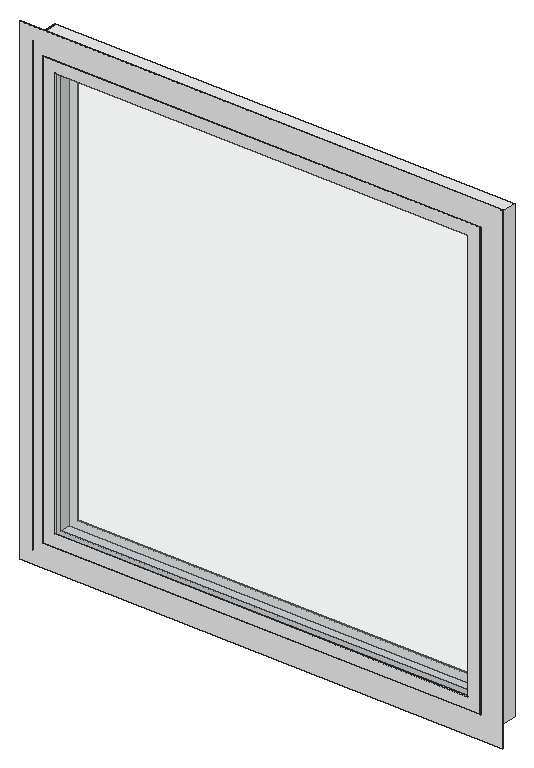
Revit family "Casement_30.5_A_Top_Hung_Custom", category Windows, host Wall, Revit 2014
Parameters (values of type "Casement_Sash_DG")
  Width Sash [instance] = 30 mm
  Width Sash Inner = 15 mm
  Width Bead = 15 mm
  Top Hung [instance] = yes
  Side Hung Right [instance] = yes
  Side Hung Left [instance] = yes
  Sash Opening Width [instance] = 600 mm
  Sash Opening Height [instance] = 600.312 mm
  Sash Lip = 15 mm
  Glazing Material [instance] = Glass
  DG Start Piece 2 [instance] = DG End Piece 1 + DG Gasket Thickness  # 25 mm
  DG Start Peice 1 [instance] = (Depth Sash - (2 * DG Glazing Thickness) - DG Gasket Thickness) / 2  # 6.6 mm
  Glazing Offset = 5 mm
  DG Glazing Thickness [instance] = 6.4 mm
  DG Gasket Thickness = 12 mm  # constant formula
  DG Gasket Material [instance] = none
  DG End Piece 2 [instance] = DG Start Piece 2 + DG Glazing Thickness  # 31.4 mm
  DG End Piece 1 [instance] = DG Start Peice 1 + DG Glazing Thickness  # 13 mm
  Depth Sash [instance] = 38 mm
  Center Vertical Sash [instance] = Sash Opening Height / 2  # 300.156 mm
  Center Horizontal Sash [instance] = Sash Opening Width / 2  # 300 mm
  Bottom Hung [instance] = yes
  Bead Offset = 15 mm
  Aluminium Thickness = 1 mm
  Aluminium Material [instance] = White Powder Coated Aluminium
Reference planes
  plane 1 "Center (Front/Back)": y = 0
  plane 2: z = 0
  plane 3 "Center (Left/Right)": x = 0
Forms (mm)
  Sweep 1, solid, material "White Powder Coated Aluminium" <- "Aluminium Material"
    path origin (16.177, 0, 121.331) x (1, 0, 0) y (0, 0, 1)
      loop
        line (0, 0) -> (600, 0) -> (600, 600.312) -> (0, 600.312) -> (0, 0)
    profile origin (316.177, 0, 121.331) x (0, 0, 1) y (0, -1, 0)
      loop
        line (0, 0) -> (30, 0) -> (30, 1) -> (15, 1) -> (15, 38) -> (-15, 38) -> (-15, 37) -> (0, 37) -> (0, 0)
      loop
        line (14, 1) -> (14, 37) -> (1, 37) -> (1, 1) -> (14, 1)
  Sweep 2, solid, material "White Powder Coated Aluminium" <- "Aluminium Material"
    path origin (0, 0, 0) x (1, 0, 0) y (0, 0, 1)
      loop
        line (31.177, 706.643) -> (31.177, 136.331) -> (601.177, 136.331) -> (601.177, 706.643) -> (31.177, 706.643)
    profile origin (316.177, 0, 706.643) x (0, 0, 1) y (0, -1, 0)
      loop
        line (0, 37) -> (0, 38) -> (-15, 38) -> (-15, 37) -> (0, 37)
  Extrusion 3, solid, material "Glass" <- "Glazing Material"
    sketch origin (0, 0, 0) x (1, 0, 0) y (0, 0, 1)
      loop
        line (36.177, 701.643) -> (36.177, 141.331) -> (596.177, 141.331) -> (596.177, 701.643) -> (36.177, 701.643)
    from 6.6 <- "DG Start Peice 1" to 13 <- "DG End Piece 1"
  Extrusion 4, solid, material "Glass" <- "Glazing Material"
    sketch origin (0, 0, 0) x (1, 0, 0) y (0, 0, 1)
      loop
        line (36.177, 701.643) -> (36.177, 141.331) -> (596.177, 141.331) -> (596.177, 701.643) -> (36.177, 701.643)
    from 31.4 <- "DG End Piece 2" to 25 <- "DG Start Piece 2"
  Sweep 5, solid, material <- "DG Gasket Material"
    path origin (0, -13, 0) x (1, 0, 0) y (0, 0, 1)
      loop
        line (36.177, 701.643) -> (36.177, 141.331) -> (596.177, 141.331) -> (596.177, 701.643) -> (36.177, 701.643)
    profile origin (316.177, -13, 701.643) x (0, 0, 1) y (0, -1, 0)
      loop
        line (0, 0) -> (0, 12) -> (-7.96, 12) -> (-7.96, 0) -> (0, 0)
Lines and regions (mm)
  model lines
    curve 1: line (1.177, -38, 736.643) -> (31.177, -38, 706.643)
    curve 2: line (601.177, -38, 706.643) -> (631.177, -38, 736.643)
    curve 3: line (601.177, -38, 136.331) -> (631.177, -38, 106.331)
    curve 4: line (1.177, -38, 106.331) -> (31.177, -38, 136.331)
    curve 5: line (631.177, -37, 736.643) -> (616.177, -37, 721.643)
    curve 6: line (1.177, -37, 736.643) -> (16.177, -37, 721.643)
    curve 7: line (1.177, -37, 106.331) -> (16.177, -37, 121.331)
    curve 8: line (631.177, -37, 106.331) -> (616.177, -37, 121.331)
    curve 9: line (616.177, 0, 121.331) -> (586.177, 0, 151.331)
    curve 10: line (46.177, 0, 151.331) -> (16.177, 0, 121.331)
    curve 11: line (616.177, 0, 721.643) -> (586.177, 0, 691.643)
    curve 12: line (46.177, 0, 691.643) -> (16.177, 0, 721.643)
    curve 13: line (31.177, -38, 691.643) -> (46.177, -38, 691.643)
    curve 14: line (586.177, -38, 691.643) -> (601.177, -38, 691.643)
    curve 15: line (586.177, -38, 151.331) -> (601.177, -38, 151.331)
    curve 16: line (31.177, -38, 151.331) -> (46.177, -38, 151.331)
  model lines, style "GenericModelHiddenLines", visible <- "Top Hung"
    curve 17: line (46.386, -31.4, 690.914) -> (316.177, -31.4, 151.331)
    curve 18: line (316.177, -31.4, 151.331) -> (586.177, -31.4, 691.331)
  model lines, style "GenericModelHiddenLines", visible <- "Bottom Hung"
    curve 19: line (46.177, -31.4, 151.331) -> (316.177, -31.4, 691.331)
    curve 20: line (316.177, -31.4, 691.331) -> (586.177, -31.4, 151.331)
  model lines, style "GenericModelHiddenLines", visible <- "Side Hung Left"
    curve 21: line (46.386, -31.4, 690.914) -> (585.24, -31.4, 421.487)
    curve 22: line (585.24, -31.4, 421.487) -> (46.177, -31.4, 151.331)
  model lines, style "GenericModelHiddenLines", visible <- "Side Hung Right"
    curve 23: line (586.177, -31.4, 691.331) -> (46.177, -31.4, 421.487)
    curve 24: line (46.177, -31.4, 421.487) -> (586.177, -31.4, 151.331)
Dimensions and locks
  "Aluminium Thickness": Sweep 1 sketch curve to Sweep 1 sketch curve  (x4)
  "Depth Sash": Sweep 1 sketch curve to Sweep 1 sketch curve
  "Sash Opening Width": Sweep 1 to Sweep 1
  "Sash Opening Height": Sweep 1 to Sweep 1
  "Width Sash": Sweep 1 sketch curve to Sweep 1 sketch curve  (x2)
  "Width Sash Inner": Sweep 1 sketch curve to Sweep 1 sketch curve
  "Sash Lip": Sweep 1 sketch curve to Sweep 1 sketch curve
  "Aluminium Thickness": Sweep 1 to Sweep 2 sketch curve
  "Glazing Offset": Sweep 2 to Extrusion 3 sketch curve  (x3)
  "Glazing Offset": Extrusion 3 sketch curve to Sweep 2
  Sweep 1 to Sweep 1 = 1 mm
  "Aluminium Thickness": Sweep 2 sketch curve to Sweep 2 sketch curve
  "Width Bead": Sweep 2 sketch curve to Sweep 2 sketch curve
  locked: Sweep 5 sketch curve to Sweep 5 sketch curve at 7.96
  "Center Horizontal Sash": Sweep 1 to curve 18
  "Center Horizontal Sash": Sweep 1 to curve 20
  "Center Vertical Sash": Sweep 1 to curve 22
  "Center Vertical Sash": Sweep 1 to curve 24
  aligned and locked: level to plane 2
  aligned and locked: Sweep 1 sketch curve to Sweep 1 sketch curve  (x2)
  aligned and locked: Sweep 2 sketch curve to Sweep 1  (x5)
  aligned and locked: Extrusion 4 sketch curve to Extrusion 3  (x4)
  aligned and locked: Sweep 5 sketch curve to Extrusion 3  (x5)
  aligned and locked: Extrusion 3 to Sweep 5 sketch curve
Automatic sketch dimensions
  plane 3 "Center (Left/Right)" to Sweep 1 sketch curve = 16.177 mm
  level to Sweep 1 sketch curve = 121.331 mm
  plane 3 "Center (Left/Right)" to Sweep 1 sketch curve = 616.177 mm
  level to Sweep 1 sketch curve = 721.643 mm
  profile plane to Sweep 5 sketch curve = 12 mm
  curve 7 to Sweep 1 = 0 mm  (x4)
  curve 6 to Sweep 1 = 0 mm  (x3)
  Sweep 1 to curve 6 = 0 mm
  curve 5 to Sweep 1 = 0 mm  (x3)
  curve 8 to Sweep 1 = 0 mm  (x4)
  Sweep 1 to curve 5 = 0 mm
  curve 16 to Sweep 2 = 0 mm  (x3)
  curve 13 to Sweep 2 = 0 mm  (x3)
  curve 15 to Sweep 2 = 0 mm
  Sweep 2 to curve 15 = 0 mm  (x2)
  curve 14 to Sweep 2 = 0 mm  (x2)
  Sweep 2 to curve 14 = 0 mm
  curve 1 to Sweep 1 = 0 mm  (x4)
  curve 4 to Sweep 1 = 0 mm  (x3)
  Sweep 1 to curve 4 = 0 mm
  curve 3 to Sweep 1 = 0 mm  (x3)
  curve 2 to Sweep 1 = 0 mm  (x4)
  Sweep 1 to curve 3 = 0 mm
  curve 10 to Sweep 1 = 0 mm  (x4)
  curve 12 to Sweep 1 = 0 mm  (x3)
  Sweep 1 to curve 12 = 0 mm
  curve 9 to Sweep 1 = 0 mm  (x4)
  curve 11 to Sweep 1 = 0 mm  (x3)
  Sweep 1 to curve 11 = 0 mm
  Sweep 1 sketch curve to plane 1 "Center (Front/Back)" = 0 mm
  profile plane to Sweep 1 sketch curve = 0 mm
  curve 21 to Extrusion 4 = 10.208 mm
  curve 19 to Extrusion 4 = 10 mm
  curve 23 to Extrusion 4 = 10 mm  (x2)
  curve 22 to Extrusion 4 = 10.937 mm
  curve 20 to Extrusion 4 = 10 mm
  curve 24 to Extrusion 4 = 10 mm
  curve 22 to Extrusion 4 = 10 mm
  curve 18 to Extrusion 4 = 10 mm
  curve 21 to Extrusion 4 = 10.729 mm
  curve 19 to Extrusion 4 = 10.312 mm
  curve 18 to Extrusion 4 = 10.312 mm
